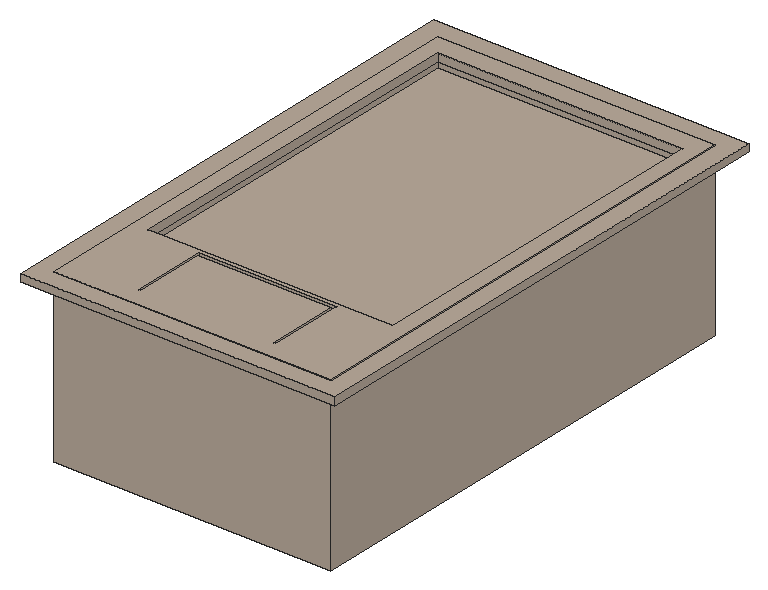
Revit family "Geräteeinsätze GES_Geräteeinsatz_GES2DB_mit_Griffbügel", category Generic Models, Revit 2015
Parameters (values of type "GES2 DB 1019")
  Width 2 = 104 mm
  Width = 118 mm
  URL = "http://www.obo-bettermann.com"
  Snur width = 69.2 mm
  Material = Plastic RAL 1019
  Manufacturer Art. No. = "7405108"
  Manufacturer = "OBO Bettermann"
  Lenght 2 = 180 mm
  Lenght = 194 mm
  Inner cut2 = 136 mm
  Inner cut = 92 mm
  Height = 61 mm
  GTIN = "4012195102168"
  Article Type = "GES2 DB 1019"
Types (4, lengths in mm): name | Material | Manufacturer Art. No. | GTIN | Article Type
  (no name) | Plastic RAL 1019 | "7405108" | "4012195102168" | "GES2 DB 1019"
  GES2 DB 9011 | Plastic RAL 9011 | "7405104" | "4012195102120\r\n4012196331864" | "GES2 DB 9011"
  GES2 DB 7011 | Plastic RAL 7011 | "7405100" | "4012195102113\r\n\r\n4012195102113\r\n\r\n4012195102113\r\n\r\n4012195102113\r\n\r\n4012195102113\r\n4012195102113" | "GES2 DB 7011"
  GES2 DB 1019 | Plastic RAL 1019 | "7405108" | "4012195102168" | "GES2 DB 1019"
Reference planes
  plane 1 "Center (Front/Back)": y = 0
  plane 2: z = 0
  plane 3 "Center (Left/Right)": x = 0
  plane 4: z = -61
  plane 5: x = -59
  plane 6: x = 59
  plane 7: y = 97
  plane 8: y = -97
  plane 9: z = 3
  plane 10: y = 90
  plane 11: y = -90
  plane 12: x = -52
  plane 13: x = 52
  plane 14: y = -53.5
  plane 15: y = 82.5
  plane 16: x = -46
  plane 17: x = 46
  plane 18: z = -2
  plane 19: x = -38
  plane 20: x = 38
  plane 21: y = -83
  plane 22: y = 83
  plane 23: z = -9
  plane 24: x = -24.851
  plane 25: x = 24.851
  plane 26: y = -56.2
  plane 27: x = -25.851
  plane 28: y = -54.823
  plane 29: x = 25.851
Forms (mm)
  Extrusion 1, solid, material "Plastic RAL 1019" <- "Material"
    sketch origin (0, 0, 0) x (1, 0, 0) y (0, 1, 0)
      loop
        line (-59, 97) -> (-59, -97) -> (59, -97) -> (59, 97) -> (-59, 97)
    from 3 to 0
  Extrusion 2, solid, material "Plastic RAL 1019" <- "Material"
    sketch origin (0, 0, 0) x (1, 0, 0) y (0, 1, 0)
      loop
        line (-52, 90) -> (-52, -90) -> (52, -90) -> (52, 90) -> (-52, 90)
    from -61 to 3
  Extrusion 3, void
    sketch origin (0, 0, 0) x (1, 0, 0) y (0, 1, 0)
      loop
        line (-46, 82.5) -> (-46, -53.5) -> (46, -53.5) -> (46, 82.5) -> (-46, 82.5)
    from -2 to 3
  Extrusion 4, void
    sketch origin (0, 0, 0) x (1, 0, 0) y (0, 1, 0)
      loop
        line (38, 83) -> (-38, 83) -> (-38, -83) -> (38, -83) -> (38, 83)
    from -61 to -9
  Extrusion 5, void
    sketch origin (0, 0, 0) x (1, 0, 0) y (0, 1, 0)
      loop
        line (24.851, -56.2) -> (24.851, -83) -> (25.851, -83) -> (25.851, -54.823) -> (-25.851, -54.823) -> (-25.851, -83) -> (-24.851, -83) -> (-24.851, -56.2) -> (24.851, -56.2)
    from -9 to 3
Cuts and joins
  Extrusion 3, Extrusion 4, Extrusion 5 cuts Extrusion 1
  Extrusion 3, Extrusion 4, Extrusion 5 cuts Extrusion 2
Lines and regions (mm)
  model lines
    curve 1: line (-59, -97, 0) -> (-59, 97, 0)
    curve 2: line (-59, 97, 0) -> (59, 97, 0)
    curve 3: line (59, 97, 0) -> (59, -97, 0)
    curve 4: line (59, -97, 0) -> (-59, -97, 0)
    curve 5: line (-52, 90, 0) -> (52, 90, 0)
    curve 6: line (52, 90, 0) -> (52, -90, 0)
    curve 7: line (52, -90, 0) -> (-52, -90, 0)
    curve 8: line (-52, -90, 0) -> (-52, 90, 0)
    curve 9: line (-46, 82.5, 0) -> (46, 82.5, 0)
    curve 10: line (46, 82.5, 0) -> (46, -53.5, 0)
    curve 11: line (46, -53.5, 0) -> (-46, -53.5, 0)
    curve 12: line (-46, -53.5, 0) -> (-46, 82.5, 0)
    curve 13: line (-38, 83, 0) -> (-38, -83, 0)
    curve 14: line (-38, -83, 0) -> (38, -83, 0)
    curve 15: line (38, -83, 0) -> (38, 83, 0)
    curve 16: line (38, 83, 0) -> (-38, 83, 0)
    curve 17: line (-24.851, -83, 0) -> (-24.851, -56.2, 0)
    curve 18: line (-24.851, -56.2, 0) -> (24.851, -56.2, 0)
    curve 19: line (24.851, -56.2, 0) -> (24.851, -83, 0)
    curve 20: line (24.851, -83, 0) -> (25.851, -83, 0)
    curve 21: line (25.851, -83, 0) -> (25.851, -54.823, 0)
    curve 22: line (25.851, -54.823, 0) -> (-25.851, -54.823, 0)
    curve 23: line (-25.851, -54.823, 0) -> (-25.851, -83, 0)
Dimensions and locks
  "Height": plane 4 to level
  equal spacing: plane 5, plane 3 "Center (Left/Right)", plane 6
  "Width": plane 5 to plane 6
  equal spacing: plane 7, plane 1 "Center (Front/Back)", plane 8
  "Lenght": plane 7 to plane 8
  equal spacing: plane 10, plane 1 "Center (Front/Back)", plane 11
  "Lenght 2": plane 10 to plane 11
  equal spacing: plane 12, plane 3 "Center (Left/Right)", plane 13
  "Width 2": plane 12 to plane 13
  locked: level to plane 9 at 3
  locked: plane 14 to plane 8 at 43.5
  "Inner cut2": plane 15 to plane 14
  equal spacing: plane 16, plane 3 "Center (Left/Right)", plane 17
  "Inner cut": plane 16 to plane 17
  locked: plane 18 to plane 9 at 5
  locked: cut or joined group of Extrusion 2, Extrusion 3, Extrusion 4, Extrusion 5 to plane 19 at 14
  locked: plane 20 to cut or joined group of Extrusion 2, Extrusion 3, Extrusion 4, Extrusion 5 at 14
  locked: plane 10 to plane 22 at 7
  locked: plane 21 to plane 11 at 7
  locked: plane 23 to plane 9 at 12
  locked: plane 28 to plane 26 at 1.377
  locked: plane 26 to cut or joined group of Extrusion 1, Extrusion 3, Extrusion 4, Extrusion 5 at 40.8
  locked: plane 27 to plane 24 at 1
  locked: plane 25 to plane 29 at 1
  equal spacing: plane 24, plane 3 "Center (Left/Right)", plane 25
  aligned and locked: level to plane 2
  aligned and locked: plane 5 to curve 1
  aligned and locked: curve 2 to plane 7
  aligned and locked: curve 3 to plane 6
  aligned and locked: plane 8 to curve 4
  aligned and locked: Extrusion 1 sketch curve to curve 2
  aligned and locked: Extrusion 1 sketch curve to curve 3
  aligned and locked: Extrusion 1 sketch curve to curve 4
  aligned and locked: Extrusion 1 sketch curve to curve 1
  aligned and locked: Extrusion 1 to plane 9
  aligned and locked: level to Extrusion 1
  aligned and locked: curve 5 to plane 10
  aligned and locked: curve 6 to plane 13
  aligned and locked: plane 11 to curve 7
  aligned and locked: plane 12 to curve 8
  aligned and locked: Extrusion 2 sketch curve to curve 5
  aligned and locked: Extrusion 2 sketch curve to curve 8
  aligned and locked: Extrusion 2 sketch curve to curve 6
  aligned and locked: Extrusion 2 sketch curve to curve 7
  aligned and locked: Extrusion 2 to plane 4
  aligned and locked: plane 9 to Extrusion 2
  aligned and locked: curve 9 to plane 15
  aligned and locked: curve 10 to plane 17
  aligned and locked: plane 14 to curve 11
  aligned and locked: plane 16 to curve 12
  aligned and locked: Extrusion 3 sketch curve to curve 9
  aligned and locked: Extrusion 3 sketch curve to curve 10
  aligned and locked: Extrusion 3 sketch curve to curve 11
  aligned and locked: Extrusion 3 sketch curve to curve 12
  aligned and locked: Extrusion 3 to plane 18
  aligned and locked: plane 9 to Extrusion 3
  aligned and locked: curve 13 to plane 19
  aligned and locked: curve 14 to plane 21
  aligned and locked: plane 20 to curve 15
  aligned and locked: plane 22 to curve 16
  aligned and locked: Extrusion 4 sketch curve to curve 16
  aligned and locked: Extrusion 4 sketch curve to curve 13
  aligned and locked: Extrusion 4 sketch curve to curve 14
  aligned and locked: Extrusion 4 sketch curve to curve 15
  aligned and locked: Extrusion 4 to plane 4
  aligned and locked: plane 23 to Extrusion 4
  aligned and locked: curve 17 to plane 24
  aligned and locked: curve 18 to plane 26
  aligned and locked: curve 19 to plane 25
  aligned and locked: plane 29 to curve 21
  aligned and locked: plane 28 to curve 22
  aligned and locked: curve 23 to plane 27
  aligned and locked: Extrusion 5 sketch curve to curve 19
  aligned and locked: Extrusion 5 sketch curve to curve 21
  aligned and locked: Extrusion 5 sketch curve to curve 22
  aligned and locked: Extrusion 5 sketch curve to curve 18
  aligned and locked: Extrusion 5 sketch curve to curve 23
  aligned and locked: Extrusion 5 sketch curve to curve 17
  aligned and locked: Extrusion 5 sketch curve to plane 21
  aligned and locked: Extrusion 5 sketch curve to curve 20
  aligned and locked: Extrusion 5 to cut or joined group of Extrusion 2, Extrusion 3, Extrusion 4, Extrusion 5
  aligned and locked: plane 9 to Extrusion 5
Automatic sketch dimensions
  curve 14 to plane 19 = 0 mm
  curve 21 to plane 21 = 0 mm
